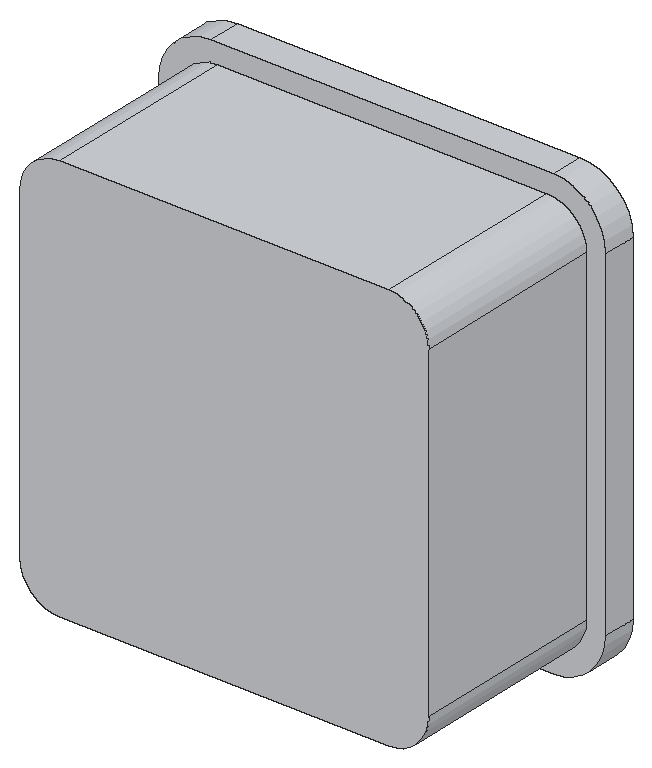
Revit family "Building-FlushMountingEnclosures-GEWISS-24SC-BOXES_PHONE_SYSTEM", category Apparecchi elettrici, host Muro, Revit 2016
Family settings
  Host = Muro
  Mantenere orientamento annotazione = Sì
  Tipo di parte = Normale
  Quota connettore circolare = Usa diametro
  Numero OmniClass = 23.80.30.14.24
  Titolo OmniClass = Junction Boxes
  Sempre verticale = Sì
  Taglio con vuoti quando caricato = Sì
  Condiviso = Sì
  Punto di calcolo locali = Sì
Parameters (values of type "GW24221 - Telecom standard box")
  Version file RFA = "19.0"
  URL = "https://www.gewiss.com/ww/en"
  Type of installation = "Conventional"
  Technical sheet = "https://www.gewiss.com/ww/en/search?q=GW24221"
  SEO = "Box"
  Realized by GEWISS S.p.A. = ""
  Produttore = "GEWISS S.p.A."
  Outer dim. LxHxD (mm) = "68x68x30"
  Modello = "GW24221"
  Lid colour = "Ivory"
  Installation = "Flush mounting enclosures"
  Immagine tipo = GW24221.jpg
  IFC.TypeObject = ""
  IFC.ExportType = ""
  IFC.ExportAs = ""
  IDT = "72fbfc7d-f9ad-4603-970f-2f3f2820655a"
  IDF = "6a44e20c-771d-4a70-ba3f-b58bcbd83a3d"
  For walls = "Masonry"
  Electrocod = "0210"
  EAN code = "8011564016644"
  Descrizione = "TELECOM CONVEN.STD.BOX"
  Catalogue Range = "24SC"
  Catalogue = "BUILDING"
  COBie.Tagnumber = ""
  COBie.CreatedOn = ""
  COBie.CreatebBy = ""
  COBie.ComponentRegisterItemID = ""
  COBie.Component.TagNumber = ""
  COBie.Component.Space = ""
  COBie.Component.SerialNumber = ""
  COBie.Component.InstallationDate = ""
  COBie.Component.Description = ""
  COBie.Component.BarCode = ""
Reference planes
  plane 1 "Muro": y = 0
  plane 2 "Centro (Sinistra/Destra)": x = 125
  plane 3 "Indietro": y = 75
  plane 4: y = 45
  plane 5: y = 80
Forms (mm)
  Extrusion 1, solid
    sketch origin (0, 0, 0) x (1, 0, 0) y (0, 0, 1)
      loop
        arc (151, 654.884) -> (156.657, 657.227) -> (159, 662.884) r 8
        line (159, 662.884) -> (159, 714.884)
        arc (159, 714.884) -> (156.657, 720.541) -> (151, 722.884) r 8
        line (151, 722.884) -> (99, 722.884)
        arc (99, 722.884) -> (93.343, 720.541) -> (91, 714.884) r 8
        line (91, 714.884) -> (91, 662.884)
        arc (91, 662.884) -> (93.343, 657.227) -> (99, 654.884) r 8
        line (99, 654.884) -> (151, 654.884)
    from -80 to -75
  Extrusion 2, solid
    sketch origin (0, -13.074, 0) x (1, 0, 0) y (0, 0, 1)
      loop
        arc (150, 657.884) -> (154.243, 659.641) -> (156, 663.884) r 6
        line (156, 663.884) -> (156, 713.884)
        arc (156, 713.884) -> (154.243, 718.127) -> (150, 719.884) r 6
        line (150, 719.884) -> (100, 719.884)
        arc (100, 719.884) -> (95.757, 718.127) -> (94, 713.884) r 6
        line (94, 713.884) -> (94, 663.884)
        arc (94, 663.884) -> (95.757, 659.641) -> (100, 657.884) r 6
        line (100, 657.884) -> (150, 657.884)
    from -88.074 to -58.074
  Extrusion 3, void
    sketch origin (0, -43.074, 0) x (1, 0, 0) y (0, 0, 1)
      loop
        arc (150, 657.884) -> (154.243, 659.641) -> (156, 663.884) r 6
        line (156, 663.884) -> (156, 713.884)
        arc (156, 713.884) -> (154.243, 718.127) -> (150, 719.884) r 6
        line (150, 719.884) -> (100, 719.884)
        arc (100, 719.884) -> (95.757, 718.127) -> (94, 713.884) r 6
        line (94, 713.884) -> (94, 663.884)
        arc (94, 663.884) -> (95.757, 659.641) -> (100, 657.884) r 6
        line (100, 657.884) -> (150, 657.884)
    from -118.074 to -88.074
Lines and regions (mm)
  model lines, detail levels fine
    curve 1: line (139, 80, 712.884) -> (111, 80, 712.884)
    curve 2: line (149, 80, 674.884) -> (149, 80, 702.884)
    curve 3: line (111, 80, 664.884) -> (139, 80, 664.884)
    curve 4: line (101, 80, 702.884) -> (101, 80, 674.884)
    curve 5: arc (139, 80, 712.884) -> (146.071, 80, 709.955) -> (149, 80, 702.884) r 10
    curve 6: arc (111, 80, 712.884) -> (103.929, 80, 709.955) -> (101, 80, 702.884) r 10
    curve 7: arc (149, 80, 674.884) -> (146.071, 80, 667.813) -> (139, 80, 664.884) r 10
    curve 8: arc (101, 80, 674.884) -> (103.929, 80, 667.813) -> (111, 80, 664.884) r 10
    curve 9: line (139, 80, 704.884) -> (111, 80, 704.884)
    curve 10: arc (139, 80, 704.884) -> (140.414, 80, 704.298) -> (141, 80, 702.884) r 2
    curve 11: line (141, 80, 674.884) -> (141, 80, 702.884)
    curve 12: arc (141, 80, 674.884) -> (140.414, 80, 673.47) -> (139, 80, 672.884) r 2
    curve 13: line (111, 80, 672.884) -> (139, 80, 672.884)
    curve 14: arc (109, 80, 674.884) -> (109.586, 80, 673.47) -> (111, 80, 672.884) r 2
    curve 15: line (109, 80, 702.884) -> (109, 80, 674.884)
    curve 16: arc (111, 80, 704.884) -> (109.586, 80, 704.298) -> (109, 80, 702.884) r 2
Text (mm)
  text "Lato posizionamento" at (-1848.837, 1116.779, 0), in view "Livello rif."
  text "Lato posizionamento" at (0, 1409.804, 2854.306), in view "Sinistra"
  text "Lato posizionamento" at (0, 499.811, 2980.732), in view "Destra"
Dimensions and locks
  locked: plane 3 "Indietro" to host wall
  equal spacing: Extrusion 1 sketch curve, plane 2 "Centro (Sinistra/Destra)", Extrusion 1 sketch curve
  locked: Extrusion 1 sketch curve to plane 2 "Centro (Sinistra/Destra)" at 34
  locked: Extrusion 1 sketch curve to Extrusion 1 sketch curve at 68
  locked: plane 5 to plane 3 "Indietro" at 5
  locked: plane 4 to plane 3 "Indietro" at 30
  equal spacing: Extrusion 2 sketch curve, plane 2 "Centro (Sinistra/Destra)", Extrusion 2 sketch curve
  locked: Extrusion 2 sketch curve to plane 2 "Centro (Sinistra/Destra)" at 31
  locked: Extrusion 2 sketch curve to Extrusion 2 sketch curve at 62
  Extrusion 3 sketch curve to Extrusion 3 sketch curve = 62 mm
  locked: Extrusion 3 sketch curve to Extrusion 3 sketch curve at 62
  aligned and locked: plane 1 "Muro" to host wall
  aligned and locked: plane 3 "Indietro" to Extrusion 1
  aligned and locked: plane 5 to Extrusion 1
  aligned and locked: Extrusion 2 to plane 3 "Indietro"
  aligned and locked: Extrusion 2 to plane 4
  aligned and locked: Extrusion 3 to plane 3 "Indietro"
  aligned and locked: Extrusion 3 to plane 4
